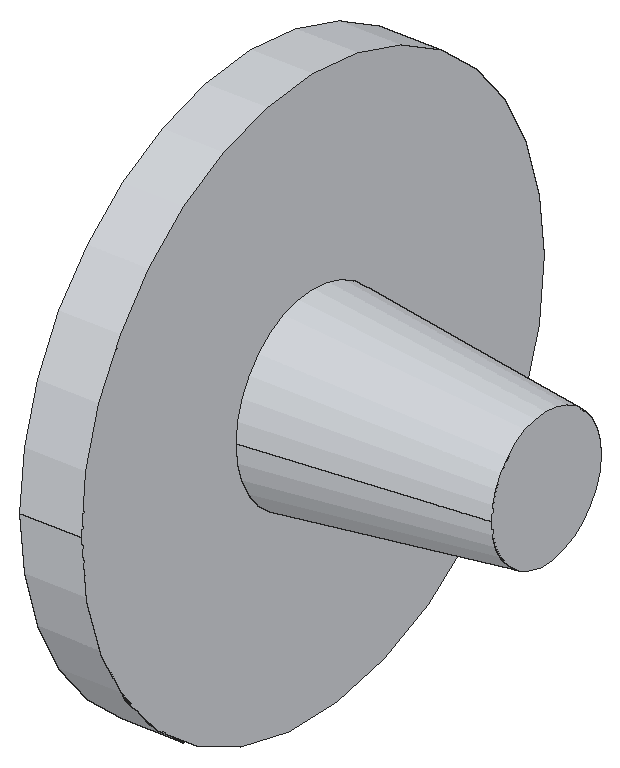
Revit family "M_Flange - Pescoço de solda - Aço - Classe 150", category Conexões de tubo, Revit 2019
Family settings
  Cota do conector redondo = Usar raio
  Tipo de parte = Flange
  Número OmniClass = 23.60.30.11.14
  Título OmniClass = Pipework Fittings
  ID de item do Seek = Flange - Weld Neck - Steel - Class 150-0000-CAN-ENU
  Com base no plano de trabalho = Não
  Sempre na vertical = Sim
  Corte com vazios quando carregada = Não
  Compartilhado = Não
Parameters (values of type "Padrão")
  Tamanho da marca de revisão [instance] = Diâmetro externo da flange * 0.4  # 36 mm
  Espessura da face elevada [instance] = 1.587 mm  # constant formula
  Raio da face elevada [instance] = Diâmetro da face elevada / 2  # 17.45 mm
  Diâmetro da face elevada [instance] = size_lookup(Nome da tabela de pesquisa, "RFD", 1.11 * Diâmetro nominal + 34.727 mm, Diâmetro nominal)  # 34.9 mm
  Raio nominal [instance] = 7.5 mm
  Diâmetro nominal [instance] = Raio nominal * 2  # 15 mm
  Método de perda = Não definido
  Nome da tabela de pesquisa = "M_Flange - Weld Neck - Steel - Class 150"
  Comprimento pelo hub [instance] = size_lookup(Nome da tabela de pesquisa, "LTH", 0.18 * Diâmetro nominal + 54.074 mm, Diâmetro nominal)  # 46 mm
  Raio do hub [instance] = Diâmetro do hub / 2  # 15 mm
  Diâmetro do hub [instance] = size_lookup(Nome da tabela de pesquisa, "HDia", 1.08 * Diâmetro nominal + 24.209 mm, Diâmetro nominal)  # 30 mm
  Raio inicial do hub [instance] = Diâmetro inicial do hub / 2  # 10.65 mm
  Diâmetro inicial do hub [instance] = size_lookup(Nome da tabela de pesquisa, "HBD", 1 * Diâmetro nominal + 11.509 mm, Diâmetro nominal)  # 21.3 mm
  Espessura do flange [instance] = size_lookup(Nome da tabela de pesquisa, "FThk", 0.05 * Diâmetro nominal + 14.188 mm, Diâmetro nominal)  # 9.6 mm
  Raio externo da flange [instance] = Diâmetro externo da flange / 2  # 45 mm
  Diâmetro externo da flange [instance] = size_lookup(Nome da tabela de pesquisa, "FOD", 1.24 * Diâmetro nominal + 89.595 mm, Diâmetro nominal)  # 90 mm
Reference planes
  plane 1 "Centro (Frente/Trás)": y = 0
  plane 2: z = 0
  plane 3 "Centro (Esquerda/Direita)": x = 0
  plane 4: x = 1.588
  plane 5: x = 11.188
  plane 6: x = 47.588
  plane 7: y = 36
  plane 8: y = -36
Forms (mm)
  Sweep 1, solid, detail levels fine
    path in 3D
      loop
        line (0, 0, 0) -> (1.588, 0, 0)
    profile origin (0.794, 0, 0) x (0, 1, 0) y (0, 0, 1)
      loop
        circle (0, 0) r 17.45
  Sweep 2, solid, detail levels fine
    path in 3D
      loop
        line (1.588, 0, 0) -> (11.188, 0, 0)
    profile origin (6.388, 0, 0) x (0, 1, 0) y (0, 0, 1)
      loop
        circle (0, 0) r 45
  SweptBlend 3, solid, detail levels fine
    path in 3D
      loop
        line (11.188, 0, 0) -> (47.588, 0, 0)
    profile origin (11.188, 0, 0) x (0, 1, 0) y (0, 0, 1)
      loop
        circle (0, 0) r 15
    end profile origin (47.588, 0, 0) x (0, 1, 0) y (0, 0, 1)
      loop
        circle (0, 0) r 10.65
Cuts and joins
  joined: Sweep 1, Sweep 2, SweptBlend 3
Lines and regions (mm)
  model lines, detail levels coarse+medium
    curve 1: line (0, 0, 0) -> (1.588, 0, 0)
    curve 2: line (1.588, 0, 0) -> (11.188, 0, 0)
    curve 3: line (11.188, 0, 0) -> (47.588, 0, 0)
    curve 6: line (11.188, 36, 0) -> (11.188, -36, 0)
  sketch lines
    curve 4: line (0, 0, 0) -> (1.588, 0, 0)
    curve 5: line (1.588, 0, 0) -> (11.188, 0, 0)
    curve 7: line (11.188, 0, 0) -> (47.588, 0, 0)
Dimensions and locks
  "Espessura da face elevada": plane 3 "Centro (Esquerda/Direita)" to plane 4
  "Espessura do flange": plane 4 to plane 5
  "Comprimento pelo hub": plane 4 to plane 6
  equal spacing: plane 7, plane 1 "Centro (Frente/Trás)", plane 8
  "Tamanho da marca de revisão": plane 7 to plane 1 "Centro (Frente/Trás)"
  "Raio da face elevada": radius of Sweep 1 sketch curve
  "Raio externo da flange": radius of Sweep 2 sketch curve
  "Raio do hub": radius of SweptBlend 3 sketch curve
  "Raio inicial do hub": radius of SweptBlend 3 sketch curve
  aligned and locked: plane 3 "Centro (Esquerda/Direita)" to curve 1
  aligned and locked: plane 4 to curve 1
  aligned and locked: plane 1 "Centro (Frente/Trás)" to curve 1
  aligned and locked: plane 1 "Centro (Frente/Trás)" to curve 2
  aligned and locked: plane 5 to curve 3
  aligned and locked: plane 6 to curve 3
  aligned and locked: plane 1 "Centro (Frente/Trás)" to curve 3
  aligned and locked: plane 7 to curve 6
  aligned and locked: plane 8 to curve 6
  aligned and locked: curve 6 to plane 5
  aligned and locked: plane 1 "Centro (Frente/Trás)" to SweptBlend 3 sketch curve  (x2)
  aligned and locked: plane 2 to SweptBlend 3 sketch curve  (x2)
Automatic sketch dimensions
  Sweep 1 sketch curve to profile plane = 0 mm  (x2)
  Sweep 2 sketch curve to profile plane = 0 mm  (x2)
Connectors
  piping at (0, 0, 0), diameter 15, driven by "Raio nominal"
    settings: on cut or joined group of Sweep 1, Sweep 2, SweptBlend 3, index 1, connector inside diameter 15 mm, connector length 0 mm, flow factor 0, pipe flow 0.0 L/s, pressure drop 0.0 Pa, fitting loss kfactor 0, connector angle 0.00°, fixture units 0, engagement length 0 mm, angle of deflection 0.00°, flow configuration 0, flow direction 0, fitting loss method 0, system type 28, joint type 0, gender type 0, connector reference index 2, connector utility 0, adjustable connector no, is connector primary yes, connector description ""
  piping at (47.588, 0, 0), diameter 15, driven by "Raio nominal"
    settings: on cut or joined group of Sweep 1, Sweep 2, SweptBlend 3, index 2, connector inside diameter 15 mm, connector length 0 mm, flow factor 0, pipe flow 0.0 L/s, pressure drop 0.0 Pa, fitting loss kfactor 0, connector angle 0.00°, fixture units 0, engagement length 0 mm, angle of deflection 0.00°, flow configuration 0, flow direction 0, fitting loss method 0, system type 28, joint type 0, gender type 0, connector reference index 1, connector utility 0, adjustable connector no, is connector primary no, connector description ""
